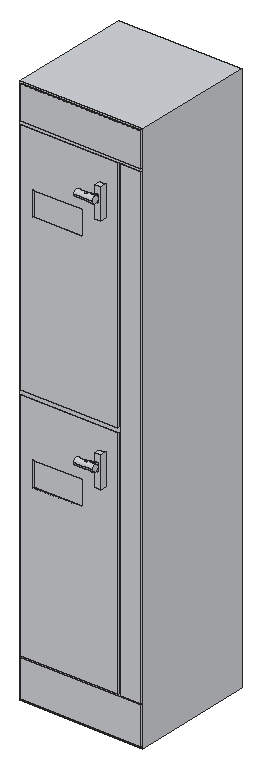
Revit family "313aced0e8704ef89fb2131793458956", category Electrical Equipment, Revit 2021
Family settings
  Round Connector Dimension = Use Diameter
  Part Type = Switchboard
  OmniClass Number = 23.80.30.11.17
  OmniClass Title = Distribution Boards and Control Panels
  Seek Item ID = Modular Motor Control Centers - Power Monitoring Section-0000-USA-ENU
  Work Plane-Based = No
  Always vertical = Yes
  Cut with Voids When Loaded = No
  Shared = No
  Room Calculation Point = No
Parameters (values of type "20"x20"")
  Switch Voltage = 480 V
  Switch Material = none
  built-in parameter 1140142 [instance] = -1
  Number of Poles = 3
  built-in parameter 1155150 [instance] = 3
  MCC Width = Cabinet Width + 0' 4"  # 2' - 0"
  MCC Material = none
  built-in parameter 1140140 [instance] = 1 (stored number, unit not read)
  Load Classification = HVAC
  built-in parameter 1155100 [instance] = -1
  built-in parameter 1140083 [instance] = "Type 12"
  Default Elevation = 0' - 0"
  built-in parameter 1140087 [instance] = element -7000011
  Cabinet Width = 1' - 8"
  Cabinet Length = 1' - 8"
Types (4): name | MCC Width | Cabinet Width | Cabinet Length
  (no name) | 2' - 0" | 1' - 8" | 1' - 8"
  20"x15" | 1' - 7" | 1' - 3" | 1' - 8"
  20"x20" | 2' - 0" | 1' - 8" | 1' - 8"
  24"x20" | 2' - 0" | 1' - 8" | 2' - 0"
Reference planes (in)
  plane 1 "Center (Front/Back)": y = 0
  plane 2: z = 0
  plane 3 "Center (Left/Right)": x = 0
  plane 4: x = -10
  plane 5: x = 10
  plane 6: z = 90
  plane 7: y = -20
  plane 8: z = 0.25
  plane 9: x = -9.75
  plane 10: x = 9.75
  plane 11: z = 6.25
  plane 12: y = -20.125
  plane 13: x = 6.5
  plane 14: z = 89.75
  plane 15: z = 84.25
  plane 16: z = 6.5
  plane 17: z = 83.75
  plane 18: z = 45.25
  plane 19: x = 6
  plane 20: z = 44.5
  plane 21: z = 35.75
  plane 22: x = -7.75
  plane 23: x = 0.25
  plane 24: z = 31.75
  plane 25: z = 75
  plane 26: z = 71
  plane 27: z = 75
  plane 28: z = 36
  plane 29: x = 2
  plane 30: y = -10
  plane 31: x = 8
Forms (in)
  Extrusion 1, solid, material <- "MCC Material"
    sketch origin (0, 0, 0) x (1, 0, 0) y (0, 0, 1)
      loop
        line (-10, 90) -> (-10, 0) -> (10, 0) -> (10, 90) -> (-10, 90)
    from 0 to 20
  Extrusion 2, solid, material <- "MCC Material"
    sketch origin (0, 0, 0) x (1, 0, 0) y (0, 0, 1)
      loop
        line (-9.75, 6.25) -> (-9.75, 0.25) -> (9.75, 0.25) -> (9.75, 6.25) -> (-9.75, 6.25)
    from 20 to 20.125
  Extrusion 3, solid, material <- "MCC Material"
    sketch origin (0, 0, 0) x (1, 0, 0) y (0, 0, 1)
      loop
        line (-9.75, 89.75) -> (-9.75, 84.25) -> (9.75, 84.25) -> (9.75, 89.75) -> (-9.75, 89.75)
    from 20 to 20.125
  Extrusion 4, solid, material <- "MCC Material"
    sketch origin (0, 0, 0) x (1, 0, 0) y (0, 0, 1)
      loop
        line (6.5, 83.75) -> (6.5, 6.5) -> (9.75, 6.5) -> (9.75, 83.75) -> (6.5, 83.75)
    from 20 to 20.125
  Extrusion 5, solid, material <- "MCC Material"
    sketch origin (0, 0, 0) x (1, 0, 0) y (0, 0, 1)
      loop
        line (-9.75, 83.75) -> (-9.75, 45.25) -> (6, 45.25) -> (6, 83.75) -> (-9.75, 83.75)
    from 20 to 20.125
  Extrusion 6, solid, material <- "MCC Material"
    sketch origin (0, 0, 0) x (1, 0, 0) y (0, 0, 1)
      loop
        line (-9.75, 44.5) -> (-9.75, 6.5) -> (6, 6.5) -> (6, 44.5) -> (-9.75, 44.5)
    from 20 to 20.125
  Extrusion 7, void
    sketch origin (0, 0, 0) x (1, 0, 0) y (0, 0, 1)
      loop
        line (-7.75, 35.75) -> (-7.75, 31.75) -> (0.25, 31.75) -> (0.25, 35.75) -> (-7.75, 35.75)
    from 20 to 20.125
  Extrusion 8, void
    sketch origin (0, 0, 0) x (1, 0, 0) y (0, 0, 1)
      loop
        line (-7.75, 75) -> (-7.75, 71) -> (0.25, 71) -> (0.25, 75) -> (-7.75, 75)
    from 20 to 20.125
  Extrusion 9, solid, material <- "MCC Material"
    sketch origin (0, 0, 0) x (1, 0, 0) y (0, 1, 0)
      loop
        circle (8, -10) r 0.25
    from 89.75 to 90
  Extrusion 10, solid, material <- "MCC Material"
    sketch origin (0, 0, 0) x (1, 0, 0) y (0, 1, 0)
      loop
        line (-10, 0) -> (-10, -20) -> (10, -20) -> (10, 0) -> (-10, 0)
    from 0 to 90
Cuts and joins
  Extrusion 7, Extrusion 8 cuts Extrusion 1
  Extrusion 8 cuts Extrusion 5
  Extrusion 7 cuts Extrusion 6
  joined: Extrusion 1, Extrusion 2, Extrusion 3, Extrusion 4, Extrusion 5, Extrusion 6, Extrusion 9
Dimensions and locks (in)
  equal spacing: plane 5, plane 3 "Center (Left/Right)", plane 4
  "Cabinet Length": plane 5 to plane 4
  locked: plane 6 to plane 2 at 90
  "Cabinet Width": plane 7 to plane 1 "Center (Front/Back)"
  locked: plane 8 to plane 2 at 0.25
  locked: plane 9 to plane 4 at 0.25
  locked: plane 5 to plane 10 at 0.25
  locked: plane 11 to plane 8 at 6
  locked: plane 7 to plane 12 at 0.125
  locked: plane 10 to plane 13 at 3.25
  locked: plane 6 to plane 14 at 0.25
  locked: plane 14 to plane 15 at 5.5
  locked: plane 16 to plane 11 at 0.25
  locked: plane 15 to plane 17 at 0.5
  locked: plane 17 to plane 18 at 38.5
  locked: plane 13 to plane 19 at 0.5
  locked: plane 18 to plane 20 at 0.75
  locked: plane 20 to plane 21 at 8.75
  locked: plane 22 to plane 9 at 2
  locked: plane 23 to plane 22 at 8
  locked: plane 21 to plane 24 at 4
  locked: plane 17 to plane 25 at 8.75
  locked: plane 25 to plane 26 at 4
  locked: plane 6 to plane 27 at 15
  locked: plane 27 to plane 28 at 39
  locked: plane 5 to plane 29 at 8
  equal spacing: plane 1 "Center (Front/Back)", plane 30, plane 7
  locked: plane 31 to plane 5 at 2
  aligned and locked: plane 4 to Extrusion 1 sketch curve
  aligned and locked: Extrusion 1 sketch curve to plane 6
  aligned and locked: plane 2 to Extrusion 1 sketch curve
  aligned and locked: Extrusion 1 sketch curve to plane 5
  aligned and locked: Extrusion 1 to plane 1 "Center (Front/Back)"
  aligned and locked: Extrusion 1 to plane 7
  aligned and locked: plane 9 to Extrusion 2 sketch curve
  aligned and locked: Extrusion 2 sketch curve to plane 11
  aligned and locked: plane 8 to Extrusion 2 sketch curve
  aligned and locked: Extrusion 2 sketch curve to plane 10
  aligned and locked: Extrusion 2 to plane 12
  aligned and locked: plane 7 to Extrusion 2
  aligned and locked: Extrusion 3 sketch curve to plane 14
  aligned and locked: plane 15 to Extrusion 3 sketch curve
  aligned and locked: Extrusion 3 sketch curve to plane 10
  aligned and locked: plane 9 to Extrusion 3 sketch curve
  aligned and locked: Extrusion 3 to Extrusion 2
  aligned and locked: Extrusion 3 to Extrusion 1
  aligned and locked: plane 13 to Extrusion 4 sketch curve
  aligned and locked: Extrusion 4 sketch curve to plane 17
  aligned and locked: plane 16 to Extrusion 4 sketch curve
  aligned and locked: Extrusion 4 sketch curve to plane 10
  aligned and locked: Extrusion 2 to Extrusion 4
  aligned and locked: Extrusion 4 to Extrusion 1
  aligned and locked: plane 9 to Extrusion 5 sketch curve
  aligned and locked: Extrusion 5 sketch curve to plane 17
  aligned and locked: plane 18 to Extrusion 5 sketch curve
  aligned and locked: Extrusion 5 sketch curve to plane 19
  aligned and locked: Extrusion 5 to Extrusion 2
  aligned and locked: Extrusion 5 to Extrusion 1
  aligned and locked: plane 9 to Extrusion 6 sketch curve
  aligned and locked: Extrusion 6 sketch curve to plane 20
  aligned and locked: plane 16 to Extrusion 6 sketch curve
  aligned and locked: Extrusion 6 sketch curve to plane 19
  aligned and locked: Extrusion 6 to Extrusion 2
  aligned and locked: Extrusion 6 to Extrusion 1
  aligned and locked: plane 22 to Extrusion 7 sketch curve
  aligned and locked: Extrusion 7 sketch curve to plane 21
  aligned and locked: plane 24 to Extrusion 7 sketch curve
  aligned and locked: Extrusion 7 sketch curve to plane 23
  aligned and locked: Extrusion 2 to Extrusion 7
  aligned and locked: plane 7 to Extrusion 7
  aligned and locked: Extrusion 2 to Extrusion 8
  aligned and locked: plane 7 to Extrusion 8
  aligned and locked: plane 27 to nested 1
  aligned and locked: nested 1 to plane 29
  aligned and locked: plane 28 to nested 2
  aligned and locked: nested 2 to plane 29
  aligned and locked: plane 31 to Extrusion 9 sketch curve
  aligned and locked: plane 30 to Extrusion 9 sketch curve
  aligned and locked: plane 6 to Extrusion 9
  aligned and locked: Extrusion 9 to plane 14
  aligned and locked: Extrusion 10 sketch curve to cut or joined group 1 (Extrusion 1, Extrusion 2, Extrusion 3, Extrusion 4, Extrusion 5, Extrusion 6, Extrusion 7, Extrusion 8, Extrusion 9)  (x4)
  aligned and locked: plane 6 to Extrusion 10
  aligned and locked: Extrusion 10 to level
  aligned and locked: plane 12 to nested 2
  aligned and locked: plane 12 to nested 1
Automatic sketch dimensions
  Extrusion 8 sketch curve to plane 22 = 0' - 0"
  Extrusion 8 sketch curve to plane 23 = 0' - 0"
  Extrusion 8 sketch curve to plane 26 = 0' - 0"
  Extrusion 8 sketch curve to plane 25 = 0' - 0"
  radius of Extrusion 9 sketch curve = 0' - 0 1/4"
Nested families (in)
  nested 1: "Switch  A" at (3, -20.125, 80), type "Standard", detail levels fine
  nested 2: "Switch  A" at (3, -20.125, 41), type "Standard", detail levels fine
Connectors (in)
  electrical at (8, -10, 90), driven by "Number of Poles", driven by "Switch Voltage", driven by "Load Classification"
    settings: on Extrusion 9, index 1, voltage 480 V, apparent load 0 VA, apparent load phase1 0 VA, apparent load phase2 0 VA, apparent load phase3 0 VA, power factor 0.8, load classification "HVAC", number of poles 3, system type 31, power factor state 1, is connector primary yes, connector utility no, sub classification motor no, connector description ""
  cabletrayconduit at (0, -10, 90), diameter 24
    settings: on cut or joined group 1, index 2, connector width 1' - 0", connector height 1' - 0", connector angle 0.00°, system type 32, placement type 1, profile type 0, connector reference index -1, is primary connector yes, connector utility param no, connector description ""
  cabletrayconduit at (-10, -10, 45), diameter 24
    settings: on cut or joined group 1, index 3, connector width 1' - 0", connector height 1' - 0", connector angle 0.00°, system type 32, placement type 1, profile type 0, connector reference index -1, is primary connector no, connector utility param no, connector description ""
  cabletrayconduit at (10, -10, 45), diameter 24
    settings: on cut or joined group 1, index 4, connector width 1' - 0", connector height 1' - 0", connector angle 0.00°, system type 32, placement type 1, profile type 0, connector reference index -1, is primary connector no, connector utility param no, connector description ""
  cabletrayconduit at (0, 0, 45), diameter 24
    settings: on cut or joined group 1, index 5, connector width 1' - 0", connector height 1' - 0", connector angle 0.00°, system type 32, placement type 1, profile type 0, connector reference index -1, is primary connector no, connector utility param no, connector description ""
  cabletrayconduit at (0, -10, 0), diameter 24
    settings: on cut or joined group 1, index 6, connector width 1' - 0", connector height 1' - 0", connector angle 0.00°, system type 32, placement type 1, profile type 0, connector reference index -1, is primary connector no, connector utility param no, connector description ""
Definition of nested family "Switch  A"
  Parameters
    Material = none
    Default Elevation = 0' - 0"
  Reference planes (in)
    plane 1 "Center (Front/Back)": y = 0
    plane 2: z = 0
    plane 3 "Center (Left/Right)": x = 0
    plane 4: x = 1
    plane 5: z = -5
    plane 6: y = -1
    plane 7: z = -2.5
    plane 8: z = -1.25
    plane 9: y = -3.375
    plane 10: through (0, -1, -2.5) normal (0, 0.5, 0.866)
    plane 11: through (0, -1, -1.25) normal (0, 0.5, 0.866)
    plane 12: x = 0.375
    plane 13: x = 0.625
    plane 14: through (0, -2.60627, -0.94762) normal (0, 0.5, 0.866)
    plane 15: x = -1
    plane 16: x = 2
  Forms (in)
    Extrusion 1, solid, material <- "Material"
      sketch origin (0, 0, 0) x (1, 0, 0) y (0, 0, 1)
        loop
          line (0, 0) -> (0, -5) -> (1, -5) -> (1, 0) -> (0, 0)
      from 0 to 1
    Extrusion 2, solid, material <- "Material"
      sketch origin (0, 0, 0) x (0, 1, 0) y (0, 0, 1)
        loop
          line (-1, -1.25) -> (-3.375, 0.12121) -> (-3.375, -1.12879) -> (-1, -2.5) -> (-1, -1.25)
      from 0.375 to 0.625
    Extrusion 3, solid, material <- "Material"
      sketch origin (0, 0, 0) x (0, 1, 0) y (0, 0, 1)
        loop
          circle (-3.375, -0.50379) r 0.5
      from -1 to 2
  Cuts and joins
    joined: Extrusion 1, Extrusion 2, Extrusion 3
  Dimensions and locks (in)
    locked: plane 2 to plane 5 at 5
    locked: plane 6 to plane 1 "Center (Front/Back)" at 1
    locked: plane 7 to plane 5 at 2.5
    locked: plane 2 to plane 8 at 1.25
    locked: plane 6 to plane 9 at 2.375
    locked: plane 12 to plane 3 "Center (Left/Right)" at 0.375
    locked: plane 4 to plane 13 at 0.375
    equal spacing: plane 11, plane 14, plane 10
    locked: plane 4 to plane 16 at 1
    locked: plane 15 to plane 3 "Center (Left/Right)" at 1
    locked: plane 7 to plane 10 (angle 30.00°)
    locked: plane 8 to plane 11 (angle 30.00°)
    locked: plane 2 to plane 14 (angle 30.00°)
    aligned and locked: plane 3 "Center (Left/Right)" to Extrusion 1 sketch curve
    aligned and locked: Extrusion 1 sketch curve to plane 2
    aligned and locked: plane 5 to Extrusion 1 sketch curve
    aligned and locked: Extrusion 1 sketch curve to plane 4
    aligned and locked: Extrusion 1 to plane 6
    aligned and locked: Extrusion 1 to plane 1 "Center (Front/Back)"
    aligned and locked: Extrusion 2 sketch curve to plane 11
    aligned and locked: Extrusion 1 to Extrusion 2 sketch curve
    aligned and locked: Extrusion 2 sketch curve to plane 10
    aligned and locked: plane 9 to Extrusion 2 sketch curve  (x2)
    aligned and locked: Extrusion 2 sketch curve to plane 6
    aligned and locked: Extrusion 2 to plane 12
    aligned and locked: plane 13 to Extrusion 2
    aligned and locked: Extrusion 3 to plane 15
    aligned and locked: plane 16 to Extrusion 3
  Automatic sketch dimensions
    Extrusion 1 sketch curve to plane 5 = 0' - 0"
    Extrusion 3 sketch curve to plane 9 = 0' - 0"
    Extrusion 3 sketch curve to plane 14 = 0' - 0"
    radius of Extrusion 3 sketch curve = 0' - 0 1/2"
